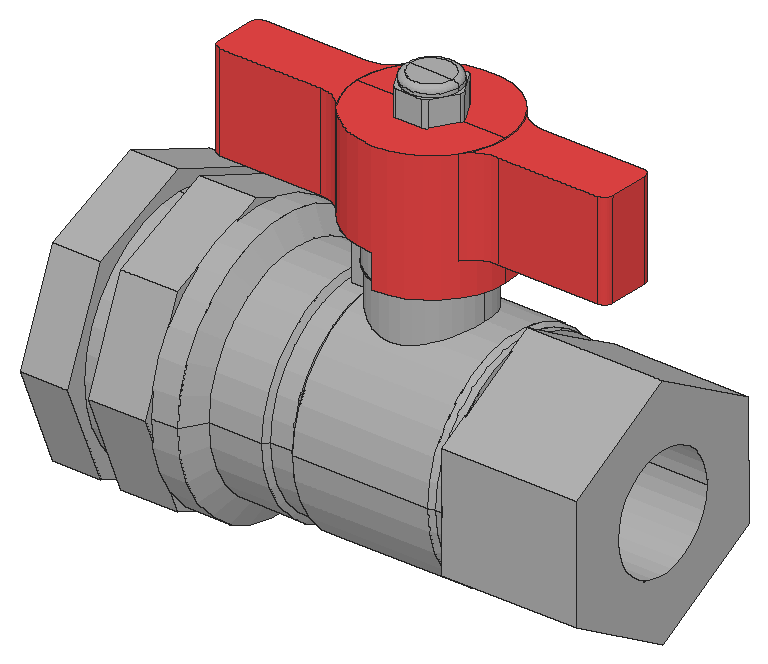
Revit family "QD39450000", category Apparecchi idraulici, Revit 2016
Family settings
  Tipo di parte = Normale
  Quota connettore circolare = Usa diametro
  Numero OmniClass = 23.45.00.00
  Titolo OmniClass = Sanitary, Laundry, and Cleaning Equipment
  Basato su piano di lavoro = No
  Sempre verticale = Sì
  Taglio con vuoti quando caricato = No
  Condiviso = No
  Punto di calcolo locali = No
Parameters
  URL = "https://web.cimberio.it/index.php/figura/453?subcategoria_id=43550"
  Produttore = "CIMBERIO SPA"
  Modello = "Cim 381"
  DN Model [instance] = QD39453169 : QD39453169
  DN [instance] = 20 mm
Reference planes
  plane 1 "Centro (Fronte/Retro)": y = 0
  plane 2: z = 0
  plane 3 "Centro (Sinistra/Destra)": x = 0
Dimensions and locks
  aligned and locked: level to plane 2
Nested families
  nested 1: "QD39453169" at (0, 0, 0), type <- "DN Model", type "QD39453169"
    with DN 10 mm
  nested 2: "QD39453169" at (0, 0, 0), type <- "DN Model", type "QD39453169"
    with DN 10 mm
  nested 3: "QD39453169" at (0, 0, 0), type <- "DN Model", type "QD39453169"
    with DN 10 mm
  nested 4: "QD39453169" at (0, 0, 0), type <- "DN Model", type "QD39453169"
    with DN 10 mm
  nested 5: "QD39453169" at (0, 0, 0), type <- "DN Model", type "QD39453169"
    with DN 10 mm
  nested 6: "QD39453169" at (0, 0, 0), type <- "DN Model", type "QD39453169"
    with DN 10 mm
  nested 7: "QD39453169" at (0, 0, 0), type <- "DN Model", type "QD39453169"
    with DN 10 mm
  nested 8: "QD39453169" at (0, 0, 0), type <- "DN Model", type "QD39453169"
    with DN 10 mm
  nested 9: "QD39453169" at (0, 0, 0), type <- "DN Model", type "QD39453169"
    with DN 10 mm
Connectors
  piping at (41, 0, 0), diameter 20, driven by "DN"
    settings: on nested 1, index 1, connector inside diameter 609.6 mm, connector length 0 mm, flow factor 0, pipe flow 0.0 L/s, pressure drop 0.0 Pa, fitting loss kfactor 0, connector angle 0.00°, fixture units 0, engagement length 0 mm, angle of deflection 0.00°, flow configuration 0, flow direction 0, fitting loss method 0, system type 7, joint type 0, gender type 0, connector reference index -1, connector utility 0, adjustable connector no, is connector primary yes, connector description ""
  piping at (-53.371, 0, 0), diameter 20, driven by "DN"
    settings: on nested 1, index 2, connector inside diameter 609.6 mm, connector length 0 mm, flow factor 0, pipe flow 0.0 L/s, pressure drop 0.0 Pa, fitting loss kfactor 0, connector angle 0.00°, fixture units 0, engagement length 0 mm, angle of deflection 0.00°, flow configuration 0, flow direction 0, fitting loss method 0, system type 7, joint type 0, gender type 0, connector reference index -1, connector utility 0, adjustable connector no, is connector primary no, connector description ""
Definition of nested family "QD39453169"
  Parameters (values of type "QD39453169")
    DN [instance] = 10 mm  # constant formula
  Reference planes
    plane 1 "Centro (Fronte/Retro)": y = 0
    plane 2: z = 0
    plane 3 "Centro (Sinistra/Destra)": x = 0
  Forms (mm)
    Revolve 1, solid
      sketch origin (0, 0, 0) x (1, 0, 0) y (0, 1, 0)
        loop
          line (-31, 10) -> (17.1, 10) -> (17.1, 19) -> (15.833, 19) -> (14.888, 19.5) -> (-9, 19.5) -> (-10, 18.5) -> (-13.882, 18.5) -> (-14.443, 19.5) -> (-24, 19.5) -> (-26.309, 23.5) -> (-31, 23.5) -> (-31, 10)
        axis (-31, 0) -> (17.1, 0)
      angle from 0 to 360
    Revolve 2, solid
      sketch origin (0, 0, 4) x (1, 0, 0) y (0, 0, 1)
        loop
          line (0.063, 27.3) -> (0.063, 11.623) -> (9.5, 11.623) -> (9.5, 21)
          arc (9.5, 21) -> (9.863, 21.294) -> (10, 21.742) r 0.8
          line (10, 21.742) -> (10, 27.3) -> (0.063, 27.3)
        axis (0.063, 11.623) -> (0.063, 27.3)
      angle from 0 to 360
    Extrusion 3, solid
      sketch origin (0, 0, 4) x (1, 0, 0) y (0, 0, 1)
        loop
          line (-15, 26.3) -> (-15, 22) -> (-13, 20.845) -> (-13, 10.345) -> (-7.86, 10.345) -> (-7.86, 26.3) -> (-15, 26.3)
      from -1.5 to 1.5
    Revolve 4, solid
      sketch origin (0, 0, 4) x (1, 0, 0) y (0, 0, 1)
        loop
          line (0, 30.531) -> (-6.985, 30.531) -> (-6.985, 27.3) -> (0, 27.3) -> (0, 30.531)
        axis (0, 30.531) -> (0, 27.3)
      angle from 0 to 360
    Revolve 5, solid
      sketch origin (0, 0, 4) x (1, 0, 0) y (0, 0, 1)
        loop
          line (0, 45.8) -> (-13.25, 45.8) -> (-13.25, 22.8) -> (-7.25, 22.8) -> (-7.25, 38.318) -> (0, 38.318) -> (0, 45.8)
        axis (0, 45.8) -> (0, 22.8)
      angle from 0 to 360
    Revolve 6, solid
      sketch origin (0, 0, 4) x (1, 0, 0) y (0, 0, 1)
        loop
          line (0, 51.8) -> (0, 50.016) -> (4.75, 50.016) -> (4.75, 50.8)
          arc (4.75, 50.8) -> (4.457, 51.507) -> (3.75, 51.8) r 1
          line (3.75, 51.8) -> (0, 51.8)
        axis (0, 51.8) -> (0, 50.016)
      angle from 0 to 360
    Extrusion 7, solid
      sketch origin (0.002, 0, 32.55) x (0.559389, -0.828905, 0) y (0.828905, 0.559389, 0)
        loop
          line (5.501, 0.127) -> (3.472, 4.287)
          arc (3.472, 4.287) -> (3.145, 4.663) -> (2.674, 4.825) r 0.962
          line (2.674, 4.825) -> (-1.937, 5.147)
          arc (-1.937, 5.147) -> (-2.461, 5.045) -> (-2.864, 4.695) r 1.032
          line (-2.864, 4.695) -> (-5.424, 0.899)
          arc (-5.424, 0.899) -> (-5.599, 0.392) -> (-5.496, -0.136) r 1.038
          line (-5.496, -0.136) -> (-3.479, -4.272)
          arc (-3.479, -4.272) -> (-3.142, -4.659) -> (-2.657, -4.826) r 0.991
          line (-2.657, -4.826) -> (1.958, -5.149)
          arc (1.958, -5.149) -> (2.463, -5.05) -> (2.852, -4.713) r 0.994
          line (2.852, -4.713) -> (5.429, -0.891)
          arc (5.429, -0.891) -> (5.601, -0.392) -> (5.501, 0.127) r 1.021
      from 17.25 to 21.75
    Extrusion 8, void
      sketch origin (0, 0, 32.55) x (1, 0, 0) y (0, 1, 0)
        loop
          line (-8.5, 0) -> (-14.381, 0)
          arc (-14.381, 0) -> (-10.169, -10.169) -> (0, -14.381) r 14.381
          line (0, -14.381) -> (0, -8.5)
          arc (0, -8.5) -> (-6.01, -6.01) -> (-8.5, 0) r 8.5
      from -6.445 to 0.25
    Extrusion 9, solid
      sketch origin (-11, 0, 0) x (0, 0, 1) y (0, 1, 0)
        loop
          circle (0, 0) r 10
        loop
          line (24.7, 0) -> (17.466, 17.466) -> (0, 24.7) -> (-17.466, 17.466) -> (-24.7, 0) -> (-17.466, -17.466) -> (0, -24.7) -> (17.466, -17.466) -> (24.7, 0)
      from 20 to 30.089
    Extrusion 10, solid
      sketch origin (-11, 0, 0) x (0, 0, 1) y (0, 1, 0)
        loop
          circle (0, 0) r 10
        loop
          line (21, 0) -> (10.03, 19) -> (-10.03, 19) -> (-21, 0) -> (-10.03, -19) -> (10.03, -19) -> (21, 0)
      from -52 to -28.1
    Revolve 11, solid
      sketch origin (0, 0, 0) x (1, 0, 0) y (0, 0, 1)
        loop
          line (-44.953, 21) -> (-44.953, 10) -> (-41.089, 10) -> (-41.089, 21) -> (-44.953, 21)
        axis (-44.953, 0) -> (-41.089, 0)
      angle from 0 to 360
    Extrusion 12, solid
      sketch origin (-11, 0, 0) x (0, 0, 1) y (0, 1, 0)
        loop
          circle (0, 0) r 10
        loop
          line (24.5, 0) -> (17.324, 17.324) -> (0, 24.5) -> (-17.324, 17.324) -> (-24.5, 0) -> (-17.324, -17.324) -> (0, -24.5) -> (17.324, -17.324) -> (24.5, 0)
      from 33.871 to 42.371
    Extrusion 13, solid
      sketch origin (0, 0, 28.55) x (1, 0, 0) y (0, 1, 0)
        loop
          arc (-33.5, 5) -> (-34.561, 4.561) -> (-35, 3.5) r 1.5
          line (-35, 3.5) -> (-35, -3.5)
          arc (-35, -3.5) -> (-34.561, -4.561) -> (-33.5, -5) r 1.5
          line (-33.5, -5) -> (-15.798, -5)
          arc (-15.798, -5) -> (-13.02, -5.682) -> (-10.874, -7.571) r 6
          arc (-10.874, -7.571) -> (-12.642, -3.968) -> (-13.25, 0) r 13.25
          arc (-13.25, 0) -> (-12.642, 3.968) -> (-10.874, 7.571) r 13.25
          arc (-10.874, 7.571) -> (-13.02, 5.682) -> (-15.798, 5) r 6
          line (-15.798, 5) -> (-33.5, 5)
        loop
          line (33.5, 5) -> (15.798, 5)
          arc (15.798, 5) -> (13.02, 5.682) -> (10.874, 7.571) r 6
          arc (10.874, 7.571) -> (12.642, 3.968) -> (13.25, 0) r 13.25
          arc (13.25, 0) -> (12.642, -3.968) -> (10.874, -7.571) r 13.25
          arc (10.874, -7.571) -> (13.02, -5.682) -> (15.798, -5) r 6
          line (15.798, -5) -> (33.5, -5)
          arc (33.5, -5) -> (34.561, -4.561) -> (35, -3.5) r 1.5
          line (35, -3.5) -> (35, 3.5)
          arc (35, 3.5) -> (34.561, 4.561) -> (33.5, 5) r 1.5
      from 4.25 to 21.25
  Cuts and joins
    Extrusion 8 cuts Revolve 5
  Dimensions and locks
    aligned and locked: level to plane 2
